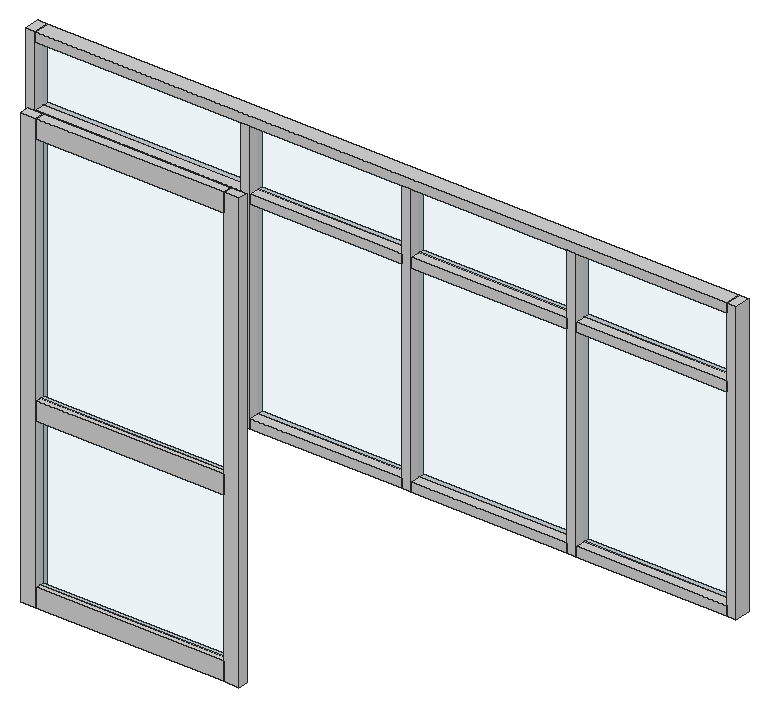
Revit family "DAL_A3-Small-sliding-door3", category Doors, host Wall, Revit 2016
Family settings
  Host = Wall
  Always vertical = Yes
  Cut with Voids When Loaded = No
  Shared = No
  Room Calculation Point = No
Parameters (values of type "TA06")
  Shop Depth = 170.5 mm
  Other = ""
  Notes = ""
  Height = 2465 mm
  Wall Closure = By host
  Width = 3445 mm
  Hand [instance] = ""
  Function = Interior
  Door Opening = 1000 mm
  Door Height = 2125 mm
  Construction Type = "TA06"
  Assembly Code = ""
Reference planes
  plane 1: y = 0
  plane 2 "Center (Left/Right)": x = 4.586
  plane 3 "Left": x = -1717.914
  plane 4 "Right": x = 1727.086
  plane 5: z = 2465
  plane 6 "Exterior": y = 172.5
  plane 7 "Interior": y = -172.5
  plane 8 "Shop Cline": y = 2
  plane 9 "Bumper Rail": z = 855
  plane 10 "Opening Right": x = -672.914
  plane 11 "Opening Left": x = -1672.914
  plane 12: z = 2125
  plane 13 "Door Panel": y = -73
  plane 14: x = 127.086
  plane 15: x = 927.086
  plane 16: z = 1105
Forms (mm)
  Sweep 1, solid, material "Shopfront Frame"
    path origin (0, 2, 0) x (1, 0, 0) y (0, 0, 1)
      loop
        line (1727.086, 1105) -> (1727.086, 2465)
    profile origin (1727.086, 2, 1785) x (-1, 0, 0) y (0, -1, 0)
      loop
        line (0, -28.01) -> (45, -28.01) -> (45, 46.99) -> (0, 46.99) -> (0, -28.01)
  Sweep 2, solid, material "Shopfront Frame"
    path origin (0, 2, 0) x (1, 0, 0) y (0, 0, 1)
      loop
        line (-1717.914, 2465) -> (-1717.914, 0)
    profile origin (-1717.914, 2, 1232.5) x (0, -1, 0) y (1, 0, 0)
      loop
        line (-28.01, 0) -> (46.99, 0) -> (46.99, 45) -> (-28.01, 45) -> (-28.01, 0)
  Sweep 3, solid, material "Shopfront Frame"
    path origin (0, 2, 0) x (1, 0, 0) y (0, 0, 1)
      loop
        line (1682.086, 2465) -> (-1672.914, 2465)
    profile origin (4.586, 2, 2465) x (0, 0, -1) y (0, -1, 0)
      loop
        line (0, -28.01) -> (45, -28.01) -> (45, 46.99) -> (0, 46.99) -> (0, -28.01)
  Sweep 4, solid, material "Shopfront Frame"
    path origin (0, 2, 0) x (1, 0, 0) y (0, 0, 1)
      loop
        line (-672.914, 2420) -> (-672.914, 1105)
    profile origin (-672.914, 2, 1762.5) x (0, -1, 0) y (1, 0, 0)
      loop
        line (-28.01, 0) -> (46.99, 0) -> (46.99, 40.414) -> (-28.01, 40.414) -> (-28.01, 0)
  Sweep 5, solid, material "Shopfront Frame"
    path origin (0, 2, 0) x (1, 0, 0) y (0, 0, 1)
      loop
        line (-672.914, 2125) -> (-1672.914, 2125)
    profile origin (-1172.914, 2, 2125) x (0, 0, -1) y (0, -1, 0)
      loop
        line (0, -28.01) -> (45, -28.01) -> (45, 46.99) -> (0, 46.99) -> (0, -28.01)
  Sweep 6, solid, material "Shopfront Frame"
    path origin (0, 2, 0) x (1, 0, 0) y (0, 0, 1)
      loop
        line (104.586, 2125) -> (-632.5, 2125)
    profile origin (-263.957, 2, 2125) x (0, 0, -1) y (0, -1, 0)
      loop
        line (0, -28.01) -> (45, -28.01) -> (45, 46.99) -> (0, 46.99) -> (0, -28.01)
  Extrusion 7, solid, material "Glass"
    sketch origin (890, 2, 605.963) x (1, 0, 0) y (0, 0, 1)
      loop
        line (792.086, 544.037) -> (792.086, 1474.037) -> (59.586, 1474.037) -> (59.586, 544.037) -> (792.086, 544.037)
    from -2 to 2
  Extrusion 8, solid, material "Glass"
    sketch origin (890, 2, 1571.102) x (1, 0, 0) y (0, 0, 1)
      loop
        line (792.086, 553.898) -> (792.086, 848.898) -> (59.586, 848.898) -> (59.586, 553.898) -> (792.086, 553.898)
    from -2 to 2
  Extrusion 9, solid, material "Glass"
    sketch origin (-530, 2, 1571.102) x (1, 0, 0) y (0, 0, 1)
      loop
        line (-142.914, 553.898) -> (-142.914, 848.898) -> (-1142.914, 848.898) -> (-1142.914, 553.898) -> (-142.914, 553.898)
    from -2 to 2
  Sweep 10, solid, material "Shopfront Frame", detail levels medium+fine
    path origin (0, -73, 0) x (-1, 0, 0) y (0, 0, 1)
      loop
        line (1672.914, 0) -> (1672.914, 2125)
    profile origin (-1672.914, -73, 1062.5) x (1, 0, 0) y (0, 1, 0)
      loop
        line (-30, 22.5) -> (-30, -22.5) -> (45, -22.5) -> (45, 22.5) -> (-30, 22.5)
  Sweep 11, solid, material "Shopfront Frame", detail levels medium+fine
    path origin (0, -73, 0) x (-1, 0, 0) y (0, 0, 1)
      loop
        line (672.914, 0) -> (672.914, 2125)
    profile origin (-672.914, -73, 1062.5) x (1, 0, 0) y (0, 1, 0)
      loop
        line (-45, 22.5) -> (-45, -22.5) -> (30, -22.5) -> (30, 22.5) -> (-45, 22.5)
  Sweep 12, solid, material "Shopfront Frame", detail levels medium+fine
    path origin (0, -73, 0) x (-1, 0, 0) y (0, 0, 1)
      loop
        line (717.914, 2125) -> (1627.914, 2125)
    profile origin (-1172.914, -73, 2125) x (0, 0, 1) y (0, 1, 0)
      loop
        line (0, 22.5) -> (-90, 22.5) -> (-90, -22.5) -> (0, -22.5) -> (0, 22.5)
  Sweep 13, solid, material "Shopfront Frame", detail levels medium+fine
    path origin (0, -73, 0) x (-1, 0, 0) y (0, 0, 1)
      loop
        line (717.914, 855) -> (1627.914, 855)
    profile origin (-1172.914, -73, 855) x (0, 0, 1) y (0, 1, 0)
      loop
        line (45, 22.5) -> (-45, 22.5) -> (-45, -22.5) -> (45, -22.5) -> (45, 22.5)
  Sweep 14, solid, material "Shopfront Frame", detail levels medium+fine
    path origin (0, -73, 0) x (-1, 0, 0) y (0, 0, 1)
      loop
        line (717.914, 0) -> (1627.914, 0)
    profile origin (-1172.914, -73, 0) x (0, 0, 1) y (0, 1, 0)
      loop
        line (90, 22.5) -> (0, 22.5) -> (0, -22.5) -> (90, -22.5) -> (90, 22.5)
  Extrusion 15, solid, material "Glass", detail levels medium+fine
    sketch origin (0, -73, 0) x (-1, 0, 0) y (0, 0, 1)
      loop
        line (717.914, 810) -> (717.914, 90) -> (1627.914, 90) -> (1627.914, 810) -> (717.914, 810)
    from -2 to 2
  Extrusion 16, solid, material "Glass", detail levels medium+fine
    sketch origin (0, -73, 0) x (-1, 0, 0) y (0, 0, 1)
      loop
        line (717.914, 2035) -> (717.914, 900) -> (1627.914, 900) -> (1627.914, 2035) -> (717.914, 2035)
    from -2 to 2
  Sweep 17, solid, material "Shopfront Frame"
    path origin (0, 2, 0) x (1, 0, 0) y (0, 0, 1)
      loop
        line (1682.086, 2125) -> (949.586, 2125)
    profile origin (1315.836, 2, 2125) x (0, 0, -1) y (0, -1, 0)
      loop
        line (45, -28.01) -> (45, 46.99) -> (0, 46.99) -> (0, -28.01) -> (45, -28.01)
  Extrusion 18, solid, material "Glass"
    sketch origin (-350, 2, 605.963) x (1, 0, 0) y (0, 0, 1)
      loop
        line (454.586, 544.037) -> (454.586, 1474.037) -> (-282.5, 1474.037) -> (-282.5, 544.037) -> (454.586, 544.037)
    from -2 to 2
  Extrusion 19, solid, material "Glass"
    sketch origin (-330, 2, 1571.102) x (1, 0, 0) y (0, 0, 1)
      loop
        line (434.586, 553.898) -> (434.586, 848.898) -> (-302.5, 848.898) -> (-302.5, 553.898) -> (434.586, 553.898)
    from -2 to 2
  Sweep 20, solid, material "Shopfront Frame"
    path origin (840, 2, 0) x (1, 0, 0) y (0, 0, 1)
      loop
        line (87.086, 2420) -> (87.086, 1105)
    profile origin (927.086, 2, 1762.5) x (0, -1, 0) y (1, 0, 0)
      loop
        line (-28.01, -22.5) -> (46.99, -22.5) -> (46.99, 22.5) -> (-28.01, 22.5) -> (-28.01, -22.5)
  Sweep 21, solid, material "Shopfront Frame"
    path origin (0, 2, 0) x (1, 0, 0) y (0, 0, 1)
      loop
        line (127.086, 2420) -> (127.086, 1105)
    profile origin (127.086, 2, 1762.5) x (0, -1, 0) y (1, 0, 0)
      loop
        line (-28.01, -22.5) -> (46.99, -22.5) -> (46.99, 22.5) -> (-28.01, 22.5) -> (-28.01, -22.5)
  Extrusion 22, solid, material "Glass"
    sketch origin (90, 2, 605.963) x (1, 0, 0) y (0, 0, 1)
      loop
        line (814.586, 544.037) -> (814.586, 1474.037) -> (59.586, 1474.037) -> (59.586, 544.037) -> (814.586, 544.037)
    from -2 to 2
  Extrusion 23, solid, material "Glass"
    sketch origin (90, 2, 1571.102) x (1, 0, 0) y (0, 0, 1)
      loop
        line (814.586, 553.898) -> (814.586, 848.898) -> (59.586, 848.898) -> (59.586, 553.898) -> (814.586, 553.898)
    from -2 to 2
  Sweep 24, solid, material "Shopfront Frame"
    path origin (-800, 2, 0) x (1, 0, 0) y (0, 0, 1)
      loop
        line (1704.586, 2125) -> (949.586, 2125)
    profile origin (527.086, 2, 2125) x (0, 0, -1) y (0, -1, 0)
      loop
        line (45, -28.01) -> (45, 46.99) -> (0, 46.99) -> (0, -28.01) -> (45, -28.01)
  Sweep 25, solid, material "Shopfront Frame"
    path origin (0, 2, -984.552) x (1, 0, 0) y (0, 0, 1)
      loop
        line (104.586, 2134.552) -> (-632.5, 2134.552)
    profile origin (-263.957, 2, 1150) x (0, 0, -1) y (0, -1, 0)
      loop
        line (0, -28.01) -> (45, -28.01) -> (45, 46.99) -> (0, 46.99) -> (0, -28.01)
  Sweep 26, solid, material "Shopfront Frame"
    path origin (0, 2, -984.552) x (1, 0, 0) y (0, 0, 1)
      loop
        line (1682.086, 2134.552) -> (949.586, 2134.552)
    profile origin (1315.836, 2, 1150) x (0, 0, -1) y (0, -1, 0)
      loop
        line (45, -28.01) -> (45, 46.99) -> (0, 46.99) -> (0, -28.01) -> (45, -28.01)
  Sweep 27, solid, material "Shopfront Frame"
    path origin (-800, 2, -984.552) x (1, 0, 0) y (0, 0, 1)
      loop
        line (1704.586, 2134.552) -> (949.586, 2134.552)
    profile origin (527.086, 2, 1150) x (0, 0, -1) y (0, -1, 0)
      loop
        line (45, -28.01) -> (45, 46.99) -> (0, 46.99) -> (0, -28.01) -> (45, -28.01)
Lines and regions (mm)
  Opening 1
    outline origin (-3050, -172.5, 0) x (1, 0, 0) y (0, 0, 1)
      loop
        line (1332.086, 0) -> (4777.086, 0) -> (4777.086, 2465) -> (1332.086, 2465) -> (1332.086, 0)
  symbolic lines, style "Overhead"
    curve 1: line (-1717.914, 172.5, 0) -> (1727.086, 172.5, 0)
    curve 2: line (-1717.914, -172.5, 0) -> (1727.086, -172.5, 0)
    curve 17: line (-672.914, 25.01, 0) -> (-1672.914, 25.01, 0)
    curve 18: line (-672.914, -19.99, 0) -> (-1672.914, -19.99, 0)
  symbolic lines, style "Elevation Swing"
    curve 3: line (-672.914, 0, 2080) -> (-1672.914, 0, 0)
    curve 4: line (-1672.914, 0, 2080) -> (-672.914, 0, 0)
  symbolic lines, style "Doors"
    curve 5: line (-1042.914, -50.5, 0) -> (-967.914, -50.5, 0)
    curve 6: line (-1042.914, -95.5, 0) -> (-1042.914, -50.5, 0)
    curve 7: line (-967.914, -95.5, 0) -> (-1042.914, -95.5, 0)
    curve 8: line (-967.914, -50.5, 0) -> (-967.914, -95.5, 0)
    curve 9: line (-57.914, -50.5, 0) -> (17.086, -50.5, 0)
    curve 10: line (-57.914, -95.5, 0) -> (-57.914, -50.5, 0)
    curve 11: line (17.086, -95.5, 0) -> (-57.914, -95.5, 0)
    curve 12: line (17.086, -50.5, 0) -> (17.086, -95.5, 0)
    curve 13: line (-967.914, -50.5, 0) -> (-57.914, -50.5, 0)
    curve 14: line (-57.914, -95.5, 0) -> (-967.914, -95.5, 0)
    curve 15: line (-967.914, -71, 0) -> (-57.914, -71, 0)
    curve 16: line (-967.914, -75, 0) -> (-57.914, -75, 0)
  symbolic lines, style "Doors", not visible
    curve 19: line (-950.414, 5, 0) -> (-875.414, 5, 0)
    curve 20: line (-950.414, -40, 0) -> (-950.414, 5, 0)
    curve 21: line (-875.414, -40, 0) -> (-950.414, -40, 0)
    curve 22: line (-875.414, 5, 0) -> (-875.414, -40, 0)
    curve 23: line (34.586, 5, 0) -> (109.586, 5, 0)
    curve 24: line (34.586, -40, 0) -> (34.586, 5, 0)
    curve 25: line (109.586, -40, 0) -> (34.586, -40, 0)
    curve 26: line (109.586, 5, 0) -> (109.586, -40, 0)
    curve 27: line (-875.414, 5, 0) -> (34.586, 5, 0)
    curve 28: line (34.586, -40, 0) -> (-875.414, -40, 0)
    curve 29: line (-875.414, -15.5, 0) -> (34.586, -15.5, 0)
    curve 30: line (-875.414, -19.5, 0) -> (34.586, -19.5, 0)
Text (mm)
  text "Exterior" at (-2295.016, 1099.543, 0), in view "Ref. Level"
  text "Exterior" at (0, 1615.38, 3698.081), in view "Left"
  text "Exterior" at (0, 1036.032, 3874.932), in view "Right"
Dimensions and locks
  equal spacing: plane 3 "Left", plane 2 "Center (Left/Right)", plane 4 "Right"
  "Width": plane 3 "Left" to plane 4 "Right"
  "Height": plane 5 to host wall
  host wall to host wall = 2707.935 mm  (x2)
  plane 6 "Exterior" to host wall = 0 mm
  plane 7 "Interior" to host wall = 0 mm
  "Shop Depth": plane 8 "Shop Cline" to plane 6 "Exterior"
  "Door Opening": plane 11 "Opening Left" to plane 10 "Opening Right"
  locked: plane 3 "Left" to plane 11 "Opening Left" at 45
  "Door Height": level to plane 12
  locked: plane 8 "Shop Cline" to plane 13 "Door Panel" at 75
  locked: curve 13 to plane 8 "Shop Cline" at 52.5
  locked: curve 6 to plane 10 "Opening Right" at 370
  plane 10 "Opening Right" to plane 14 = 800 mm
  Sweep 26 to Sweep 26 to Sweep 17 to Sweep 17 to Sweep 3 to Sweep 3 = 45 mm, 930 mm, 45 mm, 295 mm, 45 mm
  aligned and locked: plane 3 "Left" to Opening 1 sketch curve
  aligned and locked: plane 5 to Opening 1 sketch curve  (x2)
  aligned and locked: Opening 1 sketch curve to plane 4 "Right"
  aligned and locked: Opening 1 sketch curve to level
  aligned and locked: plane 1 to host wall
  aligned and locked: Sweep 1 sketch curve to host wall  (x2)
  aligned and locked: host wall to Sweep 2 sketch curve
  aligned and locked: Sweep 2 sketch curve to host wall
  aligned and locked: host wall to curve 1
  aligned and locked: curve 1 to host wall
  aligned and locked: curve 2 to host wall
  aligned and locked: host wall to curve 2
  aligned and locked: Sweep 3 sketch curve to Sweep 2
  aligned and locked: Sweep 3 to Sweep 4 sketch curve
  aligned and locked: Sweep 4 sketch curve to plane 10 "Opening Right"
  aligned and locked: Sweep 2 to curve 3
  aligned and locked: curve 4 to Sweep 4
  aligned and locked: plane 10 "Opening Right" to Sweep 5 sketch curve
  aligned and locked: Sweep 5 sketch curve to plane 12
  aligned and locked: Sweep 5 to curve 3
  aligned and locked: curve 4 to Sweep 5
  aligned and locked: Extrusion 7 to Sweep 1
  aligned and locked: Extrusion 8 to Sweep 3
  aligned and locked: plane 12 to Extrusion 8
  aligned and locked: Extrusion 8 to Sweep 1
  aligned and locked: plane 10 "Opening Right" to Extrusion 9
  aligned and locked: Extrusion 9 to Sweep 2
  aligned and locked: plane 12 to Extrusion 9
  aligned and locked: Extrusion 9 to Sweep 3
  aligned and locked: curve 3 to Sweep 10 sketch curve
  aligned and locked: Sweep 10 sketch curve to Sweep 2
  aligned and locked: curve 4 to Sweep 11 sketch curve
  aligned and locked: Sweep 11 sketch curve to Sweep 4
  aligned and locked: Sweep 12 sketch curve to Sweep 11
  aligned and locked: Sweep 11 to Sweep 12 sketch curve
  aligned and locked: Sweep 13 sketch curve to Sweep 11
  aligned and locked: plane 9 "Bumper Rail" to Sweep 13 sketch curve
  aligned and locked: Sweep 11 to Sweep 14 sketch curve
  aligned and locked: Sweep 14 sketch curve to Sweep 11
  aligned and locked: Extrusion 15 sketch curve to Sweep 13  (x2)
  aligned and locked: Sweep 13 to Extrusion 15 sketch curve
  aligned and locked: Extrusion 15 sketch curve to Sweep 14
  aligned and locked: Sweep 14 to Extrusion 15 sketch curve
  aligned and locked: Extrusion 16 sketch curve to Sweep 13
  aligned and locked: Sweep 13 to Extrusion 16 sketch curve
  aligned and locked: plane 10 "Opening Right" to curve 17
  aligned and locked: Sweep 4 to curve 18
  aligned and locked: Sweep 2 to curve 17
  aligned and locked: Sweep 2 to curve 18
  aligned and locked: Extrusion 8 to Sweep 17 sketch curve
  aligned and locked: Sweep 17 sketch curve to Extrusion 8
  aligned and locked: Sweep 5 to Extrusion 18
  aligned and locked: Extrusion 16 to Sweep 12
  aligned and locked: Extrusion 7 to Extrusion 8
  aligned and locked: Sweep 24 sketch curve to Extrusion 23
  aligned and locked: Extrusion 22 to Extrusion 23
  aligned and locked: Extrusion 22 to Sweep 21
  aligned and locked: Extrusion 22 to Sweep 20
  aligned and locked: Extrusion 23 to Sweep 21
  aligned and locked: Extrusion 23 to Sweep 20
  aligned and locked: Sweep 21 to Sweep 24 sketch curve
  aligned and locked: Sweep 20 to Sweep 24 sketch curve
  aligned and locked: Extrusion 7 to Sweep 26
  aligned and locked: Extrusion 22 to Sweep 27
  aligned and locked: Extrusion 18 to Sweep 25
  aligned and locked: Sweep 1 sketch curve to Sweep 26
Automatic sketch dimensions
  curve 6 to curve 7 = 75 mm
  curve 7 to curve 11 = 910 mm
  curve 9 to curve 12 = 75 mm
  curve 7 to curve 16 = 20.5 mm
  curve 16 to curve 15 = 4 mm
  curve 15 to curve 9 = 20.5 mm
  curve 20 to curve 21 = 75 mm
  curve 21 to curve 25 = 910 mm
  curve 23 to curve 26 = 75 mm
  curve 21 to curve 30 = 20.5 mm
  curve 30 to curve 29 = 4 mm
  curve 29 to curve 23 = 20.5 mm
  curve 2 to host wall = 0 mm
  curve 1 to host wall = 0 mm
  curve 4 to level = 0 mm
  curve 3 to level = 0 mm
  curve 4 to plane 11 "Opening Left" = 0 mm
  curve 3 to plane 10 "Opening Right" = 0 mm
  Sweep 1 sketch curve to profile plane = 0 mm
  Sweep 1 sketch curve to profile plane = 45 mm
  Sweep 1 sketch curve to plane 8 "Shop Cline" = 28.01 mm
  plane 8 "Shop Cline" to Sweep 1 sketch curve = 46.99 mm
  Sweep 2 sketch curve to level = 0 mm
  Sweep 2 sketch curve to profile plane = 0 mm
  Sweep 2 sketch curve to plane 8 "Shop Cline" = 28.01 mm
  plane 8 "Shop Cline" to Sweep 2 sketch curve = 46.99 mm
  Sweep 2 sketch curve to Sweep 2 sketch curve = 45 mm
  Sweep 3 sketch curve to plane 11 "Opening Left" = 0 mm
  plane 4 "Right" to Sweep 3 sketch curve = 45 mm
  Sweep 3 sketch curve to profile plane = 0 mm
  Sweep 3 sketch curve to profile plane = 45 mm
  Sweep 3 sketch curve to plane 8 "Shop Cline" = 28.01 mm
  plane 8 "Shop Cline" to Sweep 3 sketch curve = 46.99 mm
  plane 8 "Shop Cline" to curve 18 = 21.99 mm
  curve 17 to plane 8 "Shop Cline" = 23.01 mm
  level to Sweep 4 sketch curve = 1105 mm
  Sweep 4 sketch curve to profile plane = 0 mm
  Sweep 4 sketch curve to plane 8 "Shop Cline" = 28.01 mm
  plane 8 "Shop Cline" to Sweep 4 sketch curve = 46.99 mm
  Sweep 4 sketch curve to Sweep 4 sketch curve = 40.414 mm
  Sweep 5 sketch curve to plane 11 "Opening Left" = 0 mm
  Sweep 5 sketch curve to profile plane = 0 mm
  Sweep 5 sketch curve to profile plane = 45 mm
  Sweep 5 sketch curve to plane 8 "Shop Cline" = 28.01 mm
  plane 8 "Shop Cline" to Sweep 5 sketch curve = 46.99 mm
  Sweep 6 sketch curve to plane 12 = 0 mm
  plane 10 "Opening Right" to Sweep 6 sketch curve = 40.414 mm
  plane 14 to Sweep 6 sketch curve = 22.5 mm
  Sweep 6 sketch curve to profile plane = 0 mm
  Sweep 6 sketch curve to profile plane = 45 mm
  Sweep 6 sketch curve to plane 8 "Shop Cline" = 28.01 mm
  plane 8 "Shop Cline" to Sweep 6 sketch curve = 46.99 mm
  Extrusion 7 sketch curve to plane 15 = 22.5 mm
  plane 4 "Right" to Extrusion 7 sketch curve = 45 mm
  Extrusion 7 sketch curve to plane 9 "Bumper Rail" = 295 mm
  plane 12 to Extrusion 7 sketch curve = 45 mm
  Extrusion 8 sketch curve to plane 12 = 0 mm
  Extrusion 8 sketch curve to plane 15 = 22.5 mm
  plane 4 "Right" to Extrusion 8 sketch curve = 45 mm
  plane 5 to Extrusion 8 sketch curve = 45 mm
  Extrusion 9 sketch curve to plane 11 "Opening Left" = 0 mm
  Extrusion 9 sketch curve to plane 10 "Opening Right" = 0 mm
  Extrusion 9 sketch curve to plane 12 = 0 mm
  plane 5 to Extrusion 9 sketch curve = 45 mm
  Sweep 10 sketch curve to plane 12 = 0 mm
  profile plane to Sweep 10 sketch curve = 30 mm
  Sweep 10 sketch curve to plane 13 "Door Panel" = 22.5 mm
  Sweep 10 sketch curve to profile plane = 45 mm
  plane 13 "Door Panel" to Sweep 10 sketch curve = 22.5 mm
  Sweep 11 sketch curve to plane 12 = 0 mm
  Sweep 11 sketch curve to plane 13 "Door Panel" = 22.5 mm
  profile plane to Sweep 11 sketch curve = 45 mm
  Sweep 11 sketch curve to profile plane = 30 mm
  plane 13 "Door Panel" to Sweep 11 sketch curve = 22.5 mm
  Sweep 12 sketch curve to plane 11 "Opening Left" = 45 mm
  Sweep 12 sketch curve to profile plane = 0 mm
  Sweep 12 sketch curve to plane 13 "Door Panel" = 22.5 mm
  profile plane to Sweep 12 sketch curve = 90 mm
  plane 13 "Door Panel" to Sweep 12 sketch curve = 22.5 mm
  Sweep 13 sketch curve to plane 11 "Opening Left" = 45 mm
  plane 13 "Door Panel" to Sweep 13 sketch curve = 22.5 mm
  profile plane to Sweep 13 sketch curve = 45 mm
  Sweep 13 sketch curve to profile plane = 45 mm
  Sweep 13 sketch curve to plane 13 "Door Panel" = 22.5 mm
  Sweep 14 sketch curve to plane 11 "Opening Left" = 45 mm
  Sweep 14 sketch curve to profile plane = 0 mm
  plane 13 "Door Panel" to Sweep 14 sketch curve = 22.5 mm
  Sweep 14 sketch curve to Sweep 14 sketch curve = 90 mm
  Sweep 14 sketch curve to plane 13 "Door Panel" = 22.5 mm
  Extrusion 16 sketch curve to plane 11 "Opening Left" = 45 mm
  plane 12 to Extrusion 16 sketch curve = 90 mm
  Sweep 17 sketch curve to plane 15 = 22.5 mm
  Sweep 17 sketch curve to profile plane = 0 mm
  Sweep 17 sketch curve to profile plane = 45 mm
  Sweep 17 sketch curve to plane 8 "Shop Cline" = 28.01 mm
  plane 8 "Shop Cline" to Sweep 17 sketch curve = 46.99 mm
  plane 10 "Opening Right" to Extrusion 18 sketch curve = 40.414 mm
  plane 14 to Extrusion 18 sketch curve = 22.5 mm
  Extrusion 18 sketch curve to plane 9 "Bumper Rail" = 295 mm
  plane 12 to Extrusion 18 sketch curve = 45 mm
  Extrusion 19 sketch curve to plane 12 = 0 mm
  plane 10 "Opening Right" to Extrusion 19 sketch curve = 40.414 mm
  plane 14 to Extrusion 19 sketch curve = 22.5 mm
  plane 5 to Extrusion 19 sketch curve = 45 mm
  level to Sweep 20 sketch curve = 1105 mm
  Sweep 20 sketch curve to plane 15 = 0 mm
  plane 5 to Sweep 20 sketch curve = 45 mm
  Sweep 20 sketch curve to plane 8 "Shop Cline" = 28.01 mm
  profile plane to Sweep 20 sketch curve = 22.5 mm
  plane 8 "Shop Cline" to Sweep 20 sketch curve = 46.99 mm
  Sweep 20 sketch curve to profile plane = 22.5 mm
  level to Sweep 21 sketch curve = 1105 mm
  Sweep 21 sketch curve to plane 14 = 0 mm
  plane 5 to Sweep 21 sketch curve = 45 mm
  Sweep 21 sketch curve to plane 8 "Shop Cline" = 28.01 mm
  profile plane to Sweep 21 sketch curve = 22.5 mm
  plane 8 "Shop Cline" to Sweep 21 sketch curve = 46.99 mm
  Sweep 21 sketch curve to profile plane = 22.5 mm
  Extrusion 22 sketch curve to plane 14 = 22.5 mm
  plane 15 to Extrusion 22 sketch curve = 22.5 mm
  Extrusion 22 sketch curve to plane 9 "Bumper Rail" = 295 mm
  plane 12 to Extrusion 22 sketch curve = 45 mm
  Extrusion 23 sketch curve to plane 12 = 0 mm
  Extrusion 23 sketch curve to plane 14 = 22.5 mm
  plane 15 to Extrusion 23 sketch curve = 22.5 mm
  plane 5 to Extrusion 23 sketch curve = 45 mm
  Sweep 24 sketch curve to profile plane = 0 mm
  Sweep 24 sketch curve to profile plane = 45 mm
  Sweep 24 sketch curve to plane 8 "Shop Cline" = 28.01 mm
  plane 8 "Shop Cline" to Sweep 24 sketch curve = 46.99 mm
  plane 10 "Opening Right" to Sweep 25 sketch curve = 40.414 mm
  plane 14 to Sweep 25 sketch curve = 22.5 mm
  plane 16 to Sweep 25 sketch curve = 45 mm
  Sweep 25 sketch curve to profile plane = 0 mm
  Sweep 25 sketch curve to profile plane = 45 mm
  Sweep 25 sketch curve to plane 8 "Shop Cline" = 28.01 mm
  plane 8 "Shop Cline" to Sweep 25 sketch curve = 46.99 mm
  Sweep 26 sketch curve to plane 15 = 22.5 mm
  plane 4 "Right" to Sweep 26 sketch curve = 45 mm
  plane 16 to Sweep 26 sketch curve = 45 mm
  Sweep 26 sketch curve to profile plane = 0 mm
  Sweep 26 sketch curve to profile plane = 45 mm
  Sweep 26 sketch curve to plane 8 "Shop Cline" = 28.01 mm
  plane 8 "Shop Cline" to Sweep 26 sketch curve = 46.99 mm
  Sweep 27 sketch curve to plane 14 = 22.5 mm
  plane 15 to Sweep 27 sketch curve = 22.5 mm
  plane 16 to Sweep 27 sketch curve = 45 mm
  Sweep 27 sketch curve to profile plane = 0 mm
  Sweep 27 sketch curve to profile plane = 45 mm
  Sweep 27 sketch curve to plane 8 "Shop Cline" = 28.01 mm
  plane 8 "Shop Cline" to Sweep 27 sketch curve = 46.99 mm
